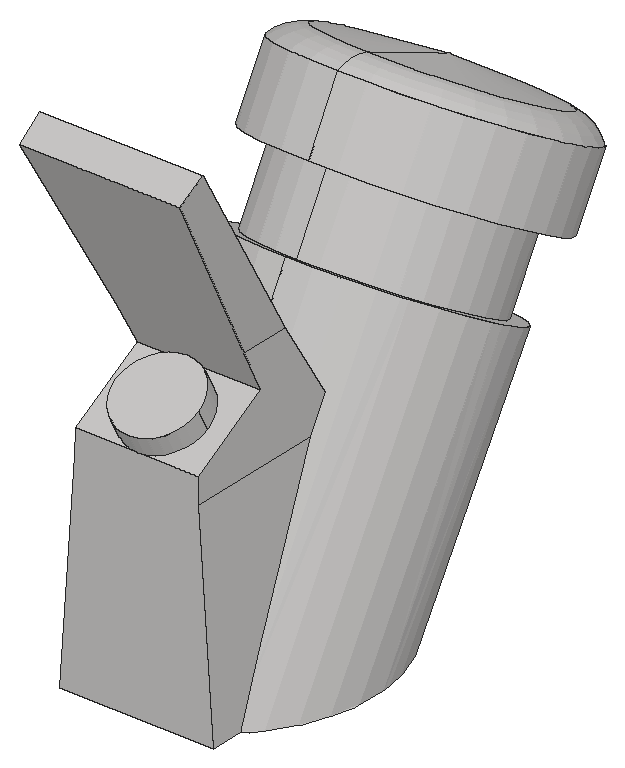
Revit family
Parameters
  WarrantyDurationUnit = "10 years"
  WarrantyDescription = "Any manufacturing defect"
  Version = "v1"
  URL = "http://www.delabie.com"
  Type Comments = "Bubbler for water fountains"
  SerialNumber = "3456330014748"
  Radius = 8.3 mm
  ProductInformation = "http://www.delabie.com/products/312qu1"
  Operation = "Instant shut-off"
  NominalHeight = 35 mm
  Name = "Bubbler tap"
  ModelNumber = "312QU1"
  Model = "Bubbler tap"
  Material = Brass
  ManufacturerURL = "http://www.delabie.com"
  ManufacturerName = "DELABIE"
  Manufacturer = "DELABIE"
  IntegralAccessoryOptions = "Drinking fountain"
  Grade = "ACS - WRAS - PHZ"
  Finish = Chrome-plated
  Features  = "Bubbler for water fountains :\r\nInstant shut-off.\r\nAdjustable flow rate.\r\nChrome-plated brass.\r\nConnection M3/8\""
  Description = "French manufacturer Delabie is a leader in the European sanitary ware market for non-domestic places. Water controls, solutions for disabled people, sanitary ware, for schools, leisure centres, offices, hospitals, airports…"
  Category = "Basin bubbler"
  Assembly Code = ""
Reference planes
  plane 1 "Center (Front/Back)": y = 0
  plane 2: z = 0
  plane 3 "Center (Left/Right)": x = 0
Dimensions and locks
  aligned and locked: level to plane 2
Nested families
  nested 1: "312QU1a" at (0, 0, 0), type "312QU1a"
Connectors
  piping at (0, -9.13, 0), driven by "Radius"
    settings: on nested 1, index 1, connector radius 8.3 mm, flow factor 0, pipe flow 0.0 L/s, pressure drop 0.0 Pa, fitting loss kfactor 0, connector angle 0.00°, fixture units 0, flow configuration 0, flow direction 1, fitting loss method 0, system type 20, connector reference index -1, connector utility 0, adjustable connector no, is connector primary yes, fitting loss table "", connector description "In - Cold water"
Definition of nested family "312QU1a"
  Parameters (values of type "312QU1a")
    Description = ""
    URL = ""
    Type Comments = ""
    Technologie = ""
    Radius = 0 mm
    Raccordement = ""
    Profondeur = ""
    Model = ""
    Matériau 1 = Laiton chromé
    Manufacturer = ""
    Lien notice d'installation = ""
    Lien fiche produit = ""
    Lien certification = ""
    Lien CCTP = ""
    Largeur = ""
    Hauteur = ""
    Finition = ""
    Famille de produits = ""
    Débit = ""
    Butée de température = ""
    Assembly Code = ""
    Alimentation = ""
  Reference planes
    plane 1 "Center (Front/Back)": y = 0
    plane 2: z = 0
    plane 3 "Center (Left/Right)": x = 0
  Forms (mm)
    Revolve 1, solid, material "Laiton chromé" <- "Matériau 1"
      sketch origin (0, 0, 0) x (0, 1, 0) y (0, 0, 1)
        loop
          arc (19.483, 49.848) -> (13.695, 52.791) -> (7.635, 55.123) r 63.119
          arc (7.635, 55.123) -> (5.547, 55.4) -> (3.498, 54.906) r 5.753
          line (3.498, 54.906) -> (-0.842, 47.39) -> (2.052, 45.719) -> (-2.503, 37.83) -> (-4.189, 38.803) -> (-27.085, -2.503) -> (-14.828, -9.58) -> (19.483, 49.848)
        axis (-14.828, -9.58) -> (19.483, 49.848)
      angle from 0 to 360
    Extrusion 2, void
      sketch origin (0, 0, 0) x (0, 1, 0) y (0, 0, 1)
        loop
          line (11.542, 0) -> (-40.406, 0) -> (-36.994, -21.54) -> (11.542, -21.54) -> (11.542, 0)
      from -18.034 to 20
    Extrusion 3, solid, material "Laiton chromé" <- "Matériau 1"
      sketch origin (-0.152, 1.406, 0) x (0, 1, 0) y (0, 0, 1)
        loop
          line (-5.943, 23.966) -> (-29.452, 61.109) -> (-32.608, 59.111) -> (-18.064, 32.873) -> (-27.176, 27.821) -> (-27.176, 0) -> (-19.51, 0) -> (-5.943, 23.966)
      from -9.886 to 10
    Extrusion 4, void
      sketch origin (-92.775, 1.406, 0) x (1, 0, 0) y (0, 0, 1)
        loop
          line (83.06, 62.56) -> (80.565, 62.56) -> (80.565, -3.058) -> (83.442, -3.058) -> (85.394, 24.866)
          arc (85.394, 24.866) -> (85.508, 31.492) -> (85.199, 38.111) r 103.632
          line (85.199, 38.111) -> (83.06, 62.56)
        loop
          line (102.299, 62.56) -> (100.16, 38.111)
          arc (100.16, 38.111) -> (99.851, 31.492) -> (99.965, 24.866) r 103.632
          line (99.965, 24.866) -> (101.918, -3.058) -> (104.795, -3.058) -> (104.795, 62.56) -> (102.299, 62.56)
      from 0 to 35
    Extrusion 5, solid, material "Laiton chromé" <- "Matériau 1"
      sketch origin (0, 46.516, 34.758) x (1, 0, 0) y (0, 0.87462, 0.48481)
        loop
          circle (-0.032, -61.737) r 4.849
      from 28.978 to 31.637
  Cuts and joins
    Extrusion 2 cuts Revolve 1
    Extrusion 4 cuts Extrusion 3
